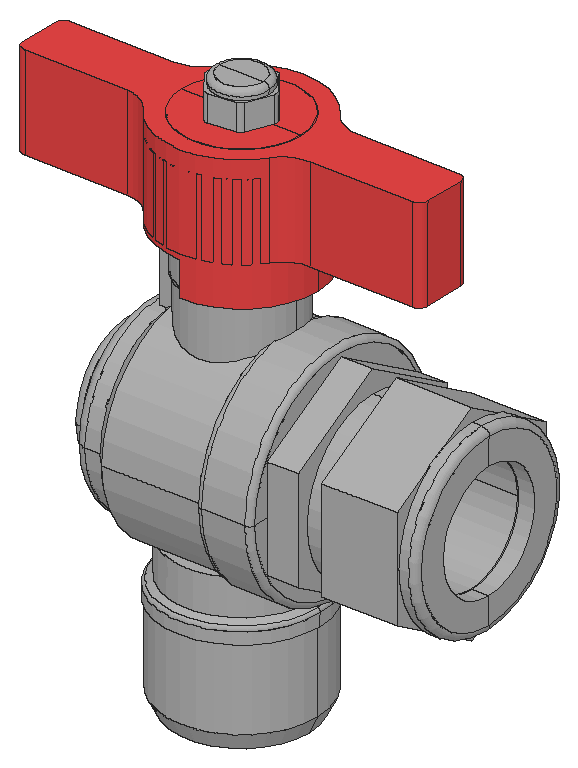
Revit family "QD02520000", category Apparecchi idraulici, Revit 2016
Family settings
  Tipo di parte = Normale
  Quota connettore circolare = Usa diametro
  Numero OmniClass = 23.45.00.00
  Titolo OmniClass = Sanitary, Laundry, and Cleaning Equipment
  Basato su piano di lavoro = No
  Sempre verticale = Sì
  Taglio con vuoti quando caricato = No
  Condiviso = No
  Punto di calcolo locali = No
Parameters
  URL = "https://web.cimberio.it/index.php/figura/1095?subcategoria_id=42864"
  Produttore = "CIMBERIO SPA"
  DN Model [instance] = QD02523137 : QD02523137
  DN [instance] = 20 mm
Reference planes
  plane 1 "Centro (Fronte/Retro)": y = 0
  plane 2: z = 0
  plane 3 "Centro (Sinistra/Destra)": x = 0
Dimensions and locks
  aligned and locked: level to plane 2
Nested families
  nested 1: "QD02523137" at (0, 0, 0), type <- "DN Model", type "QD02523137"
    with DN 10 mm
  nested 2: "QD02523137" at (0, 0, 0), type <- "DN Model", type "QD02523137"
    with DN 10 mm
  nested 3: "QD02523137" at (0, 0, 0), type <- "DN Model", type "QD02523137"
    with DN 10 mm
Connectors
  piping at (39.7, 0, 0), diameter 20, driven by "DN"
    settings: on nested 1, index 1, connector inside diameter 609.6 mm, connector length 0 mm, flow factor 0, pipe flow 0.0 L/s, pressure drop 0.0 Pa, fitting loss kfactor 0, connector angle 0.00°, fixture units 0, engagement length 0 mm, angle of deflection 0.00°, flow configuration 0, flow direction 0, fitting loss method 0, system type 7, joint type 0, gender type 0, connector reference index -1, connector utility 0, adjustable connector no, is connector primary yes, connector description ""
  piping at (0, 0, -41.997), diameter 20, driven by "DN"
    settings: on nested 1, index 2, connector inside diameter 609.6 mm, connector length 0 mm, flow factor 0, pipe flow 0.0 L/s, pressure drop 0.0 Pa, fitting loss kfactor 0, connector angle 0.00°, fixture units 0, engagement length 0 mm, angle of deflection 0.00°, flow configuration 0, flow direction 0, fitting loss method 0, system type 7, joint type 0, gender type 0, connector reference index -1, connector utility 0, adjustable connector no, is connector primary no, connector description ""
Definition of nested family "QD02523137"
  Parameters (values of type "QD02523137")
    DN [instance] = 10 mm  # constant formula
  Reference planes
    plane 1 "Centro (Fronte/Retro)": y = 0
    plane 2: z = 0
    plane 3 "Centro (Sinistra/Destra)": x = 0
  Forms (mm)
    Revolve 1, solid
      sketch origin (0, 0, 0) x (1, 0, 0) y (0, 1, 0)
        loop
          arc (-16, 13) -> (-16.293, 12.293) -> (-17, 12) r 1
          line (-17, 12) -> (-18, 12)
          arc (-18, 12) -> (-19.414, 11.414) -> (-20, 10) r 2
          line (-20, 10) -> (-20, 0) -> (-14.263, 0) -> (-14.263, 10) -> (17.1, 10) -> (17.1, 18.5)
          arc (17.1, 18.5) -> (16.807, 19.207) -> (16.1, 19.5) r 1
          line (16.1, 19.5) -> (8.775, 19.5)
          arc (8.775, 19.5) -> (8.367, 19.413) -> (8, 19.214) r 1.471
          arc (8, 19.214) -> (7.856, 18.783) -> (7.5, 18.5) r 0.796
          line (7.5, 18.5) -> (-9.25, 18.5) -> (-11.5, 16.25) -> (-14, 16.25)
          arc (-14, 16.25) -> (-15.414, 15.664) -> (-16, 14.25) r 2
          line (-16, 14.25) -> (-16, 13)
        axis (-20, 0) -> (17.1, 0)
      angle from 0 to 360
    Revolve 2, solid
      sketch origin (0, 0, 4) x (1, 0, 0) y (0, 0, 1)
        loop
          line (0.063, 27.3) -> (0.063, 11.623) -> (9.5, 11.623) -> (9.5, 21)
          arc (9.5, 21) -> (9.863, 21.294) -> (10, 21.742) r 0.8
          line (10, 21.742) -> (10, 27.3) -> (0.063, 27.3)
        axis (0.063, 11.623) -> (0.063, 27.3)
      angle from 0 to 360
    Extrusion 3, solid
      sketch origin (0, 0, 4) x (1, 0, 0) y (0, 0, 1)
        loop
          line (-15, 27.3) -> (-15, 22) -> (-13, 20.845) -> (-13, 10.345) -> (-7.86, 10.345) -> (-7.86, 27.3) -> (-15, 27.3)
      from -1.5 to 1.5
    Revolve 4, solid
      sketch origin (0, 0, 4) x (1, 0, 0) y (0, 0, 1)
        loop
          line (0, 30.531) -> (-6.985, 30.531) -> (-6.985, 27.3) -> (0, 27.3) -> (0, 30.531)
        axis (0, 30.531) -> (0, 27.3)
      angle from 0 to 360
    Revolve 5, solid
      sketch origin (0, 0, 4) x (1, 0, 0) y (0, 0, 1)
        loop
          line (0, 45.8) -> (-10.25, 45.8) -> (-13.25, 42.8) -> (-13.25, 22.8) -> (-7.25, 22.8) -> (-7.25, 38.318) -> (0, 38.318) -> (0, 45.8)
        axis (0, 45.8) -> (0, 22.8)
      angle from 0 to 360
    Revolve 6, solid
      sketch origin (0, 0, 4) x (1, 0, 0) y (0, 0, 1)
        loop
          line (0, 51.8) -> (0, 50.016) -> (4.75, 50.016) -> (4.75, 50.8)
          arc (4.75, 50.8) -> (4.457, 51.507) -> (3.75, 51.8) r 1
          line (3.75, 51.8) -> (0, 51.8)
        axis (0, 51.8) -> (0, 50.016)
      angle from 0 to 360
    Extrusion 7, solid
      sketch origin (0, 0, 32.55) x (0.979214, 0.20283, 0) y (-0.20283, 0.979214, 0)
        loop
          line (5.501, 0.127) -> (3.472, 4.287)
          arc (3.472, 4.287) -> (3.145, 4.663) -> (2.674, 4.825) r 0.962
          line (2.674, 4.825) -> (-1.937, 5.147)
          arc (-1.937, 5.147) -> (-2.461, 5.045) -> (-2.864, 4.695) r 1.032
          line (-2.864, 4.695) -> (-5.424, 0.899)
          arc (-5.424, 0.899) -> (-5.599, 0.392) -> (-5.496, -0.136) r 1.038
          line (-5.496, -0.136) -> (-3.479, -4.272)
          arc (-3.479, -4.272) -> (-3.142, -4.659) -> (-2.657, -4.826) r 0.991
          line (-2.657, -4.826) -> (1.958, -5.149)
          arc (1.958, -5.149) -> (2.463, -5.05) -> (2.852, -4.713) r 0.994
          line (2.852, -4.713) -> (5.429, -0.891)
          arc (5.429, -0.891) -> (5.601, -0.392) -> (5.501, 0.127) r 1.021
      from 17.25 to 21.75
    Extrusion 8, void
      sketch origin (0, 0, 32.55) x (1, 0, 0) y (0, 1, 0)
        loop
          line (-8.5, 0) -> (-14.381, 0)
          arc (-14.381, 0) -> (-10.169, -10.169) -> (0, -14.381) r 14.381
          line (0, -14.381) -> (0, -8.5)
          arc (0, -8.5) -> (-6.01, -6.01) -> (-8.5, 0) r 8.5
      from -6.445 to 0.25
    Revolve 9, solid
      sketch origin (0, 0, 0) x (1, 0, 0) y (0, 0, 1)
        loop
          line (22.301, 14.253) -> (22.301, 10) -> (26.7, 10) -> (26.7, 14.253) -> (22.301, 14.253)
        axis (22.301, 0) -> (26.7, 0)
      angle from 0 to 360
    Extrusion 10, solid
      sketch origin (0, 0, 28.55) x (1, 0, 0) y (0, 1, 0)
        loop
          arc (-33.5, 5) -> (-34.561, 4.561) -> (-35, 3.5) r 1.5
          line (-35, 3.5) -> (-35, -3.5)
          arc (-35, -3.5) -> (-34.561, -4.561) -> (-33.5, -5) r 1.5
          line (-33.5, -5) -> (-15.798, -5)
          arc (-15.798, -5) -> (-13.02, -5.682) -> (-10.874, -7.571) r 6
          arc (-10.874, -7.571) -> (0, -13.25) -> (10.874, -7.571) r 13.25
          arc (10.874, -7.571) -> (13.02, -5.682) -> (15.798, -5) r 6
          line (15.798, -5) -> (33.5, -5)
          arc (33.5, -5) -> (34.561, -4.561) -> (35, -3.5) r 1.5
          line (35, -3.5) -> (35, 3.5)
          arc (35, 3.5) -> (34.561, 4.561) -> (33.5, 5) r 1.5
          line (33.5, 5) -> (15.798, 5)
          arc (15.798, 5) -> (13.02, 5.682) -> (10.874, 7.571) r 6
          arc (10.874, 7.571) -> (0, 13.25) -> (-10.874, 7.571) r 13.25
          arc (-10.874, 7.571) -> (-13.02, 5.682) -> (-15.798, 5) r 6
          line (-15.798, 5) -> (-33.5, 5)
      from 5.078 to 21.25
    Extrusion 11, solid
      sketch origin (11, 0, 0) x (0, 0, 1) y (0, -1, 0)
        loop
          circle (0, 0) r 10
        loop
          line (18, 0) -> (8.762, 16) -> (-8.762, 16) -> (-18, 0) -> (-8.762, -16) -> (8.762, -16) -> (18, 0)
      from 15.7 to 28.7
    Revolve 12, solid
      sketch origin (0, 0, 0) x (-1, 0, 0) y (0, 0, -1)
        loop
          line (-39.7, -15.85) -> (-39.7, -10) -> (-42.7, -10) -> (-42.7, -14.6)
          arc (-42.7, -14.6) -> (-42.334, -15.484) -> (-41.45, -15.85) r 1.25
          line (-41.45, -15.85) -> (-39.7, -15.85)
        axis (-42.7, 0) -> (-39.7, 0)
      angle from 0 to 360
    Extrusion 13, solid
      sketch origin (1, 0, 0) x (0, 0, 1) y (0, -1, 0)
        loop
          circle (0, 0) r 10
        loop
          line (18, 0) -> (8.762, 16) -> (-8.762, 16) -> (-18, 0) -> (-8.762, -16) -> (8.762, -16) -> (18, 0)
      from 15.7 to 21.6
    Revolve 14, solid
      sketch origin (0, 0, 0) x (1, 0, 0) y (0, 0, 1)
        loop
          line (-11.985, -15.431) -> (-12.017, -21.631) -> (-13.117, -22.266)
          arc (-13.117, -22.266) -> (-13.41, -22.559) -> (-13.517, -22.959) r 0.8
          line (-13.517, -22.959) -> (-13.517, -24.997) -> (-10, -24.997) -> (-10, -15.431) -> (-11.985, -15.431)
        axis (0, -15.431) -> (0, -24.997)
      angle from 0 to 360
    Revolve 15, solid
      sketch origin (0, 0, 0) x (1, 0, 0) y (0, 0, 1)
        loop
          line (-13.192, -24.997) -> (-13.192, -39.089) -> (-11.749, -41.997) -> (-10, -41.997) -> (-10, -24.997) -> (-13.192, -24.997)
        axis (0, -24.997) -> (0, -41.997)
      angle from 0 to 360
  Cuts and joins
    Extrusion 8 cuts Revolve 5
  Dimensions and locks
    aligned and locked: level to plane 2
